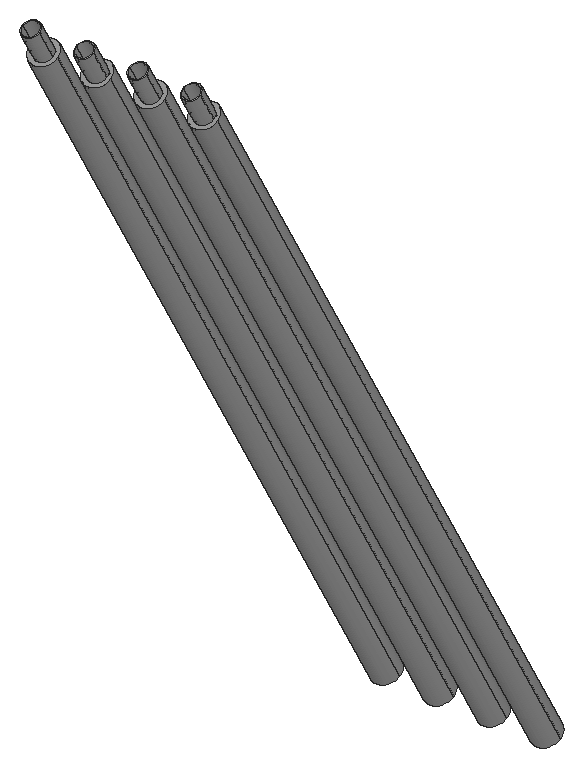
Revit family "FON-CA-O-SerieMicropaliIncl_Ø260Arm168.3mmL8m_Int0.5m", category Telaio strutturale, Revit 2021
Family settings
  Arrotondamento lunghezza telaio strutturale = 0 mm
  Forma sezione = Non definito
  Materiale per comportamento modello = Altro
  Esporta sempre come geometria = No
  Numero OmniClass = 23.25.30.11.14.14
  Titolo OmniClass = Beams
  Sempre verticale = Sì
  Taglio con vuoti quando caricato = No
  Rappresentazione simbolica = Da famiglia
  Condiviso = Sì
  Mostra pretaglio famiglia in viste di pianta = Sì
Parameters (values of type "MicropaloØ139.7x8.0mm_perforazioneØ260mm_L8m_interasse50cm")
  Volume malta cementizia [instance] = 0.538 m³ * Numero Micropali  # 2.152 m³
  Rotazione Assi = 30.00°
  Numero Micropali [instance] = (Length - Distanza da inizio) / Interasse  # 4
  Lunghezza Micropalo = 8000 mm
  Lunghezza Ancoraggio = 300 mm
  Length [instance] = 2250 mm
  Interasse = 500 mm
  Distanza da inizio [instance] = 500 mm
  Diametro Perforazione = 260 mm
  Diametro Interno Armatura = 148.3 mm
  Diametro Armatura = 168.3 mm
  Calcestruzzo = Malta
  Acciaio S355 = Acciaio S355
Reference planes
  plane 1 "Centro (Fronte/Retro)": y = 0
  plane 2 "Prospetto centro": z = 0
  plane 3 "Centro (Sinistra/Destra)": x = 0
  plane 4 "Sinistra": x = -1500
  plane 5 "Destra": x = 750
Dimensions and locks
  "Length": plane 4 "Sinistra" to plane 5 "Destra"
  "Distanza da inizio": plane 4 "Sinistra" to nested 1
  equal spacing: group 1, group 2, group 3, group 4  (x3)
  "Interasse": nested 1 to nested 2
  nested 1 to level = 324.808 mm
  aligned and locked: level to plane 2 "Prospetto centro"
Nested families
  nested 1: "FON-CA-O-MicropaloIncl" at (-1000, 0, 0), type "FON-CA-O-MicropaloIncl"
  nested 2: "FON-CA-O-MicropaloIncl" at (-500, 0, 0), type "FON-CA-O-MicropaloIncl"
  nested 3: "FON-CA-O-MicropaloIncl" at (0, 0, 0), type "FON-CA-O-MicropaloIncl"
  nested 4: "FON-CA-O-MicropaloIncl" at (500, 0, 0), type "FON-CA-O-MicropaloIncl"
Definition of nested family "FON-CA-O-MicropaloIncl"
  Parameters (values of type "FON-CA-O-MicropaloIncl")
    Volume Malta = Lunghezza Micropalo * ((3.14 * Diametro Perforazione * Diametro Perforazione) / 4)  # 0.424528 m³
    Volume Acciaio S355 = (Lunghezza Micropalo + Lunghezza Ancoraggio) * (((3.14 * Diametro Armatura * Diametro Armatura) / 4) - ((3.14 * Diametro Interno Armatura * Diametro Interno Armatura) / 4))  # 0.0412561 m³
    Spessore Armatura = (Diametro Armatura - Diametro Interno Armatura) / 2  # 10 mm
    Rotazione Assi = 30.00°
    Default Elevation = 0 mm
    Lunghezza Micropalo = 8000 mm
    Lunghezza Ancoraggio = 300 mm
    Diametro Perforazione = 260 mm
    Diametro Interno Armatura = 148.3 mm
    Diametro Armatura = 168.3 mm
    Calcestruzzo = none
    Acciaio S355 = none
  Reference planes
    plane 1 "Center (Front/Back)": y = 0
    plane 2: z = 0
    plane 3 "Center (Left/Right)": x = 0
  Lines and regions (mm)
    reference lines
      curve 1: line (0, 0, 0) -> (0, 1650, -2857.884)
      curve 2: line (0, -2165.064, -1250) -> (0, 0, 0)
  Dimensions and locks
    locked: curve 1 to curve 2 (angle 90.00°)
    "Rotazione Assi": angle curve 2 to level
    aligned and locked: level to plane 2
    aligned and locked: level to curve 1
    aligned and locked: plane 1 "Center (Front/Back)" to curve 2
    aligned and locked: plane 1 "Center (Front/Back)" to nested 1
  Nested families
    nested 1: "Prova diametro tubo variabile_FDG Da inserire" at (0, 0, 0) x (1, 0, 0) z (0, -0.5, 0.866), Diametro Armatura <- "Diametro Armatura", Diametro Perforazione <- "Diametro Perforazione", Lunghezza Ancoraggio <- "Lunghezza Ancoraggio", Lunghezza Micropalo <- "Lunghezza Micropalo", Diametro Interno Armatura <- "Diametro Interno Armatura", type "Prova diametro tubo variabile_FDG Da inserire"
      with Spessore Armatura 10 mm, Malta none, Lunghezza Micropalo 8000 mm, Lunghezza Ancoraggio 300 mm, Diametro Perforazione 260 mm, Diametro Interno Armatura 148.3 mm, Diametro Armatura 168.3 mm, Acciaio S355 none
  Definition of nested family "Prova diametro tubo variabile_FDG Da inserire"
    Parameters (values of type "Prova diametro tubo variabile_FDG Da inserire")
      Spessore Armatura [instance] = (Diametro Armatura - Diametro Interno Armatura) / 2  # 10 mm
      Default Elevation = 1219.2 mm
      Malta [instance] = none
      Lunghezza Micropalo [instance] = 8000 mm
      Lunghezza Ancoraggio [instance] = 300 mm
      Diametro Perforazione [instance] = 260 mm
      Diametro Interno Armatura [instance] = 148.3 mm
      Diametro Armatura [instance] = 168.3 mm
      Acciaio S355 [instance] = none
    Reference planes
      plane 1 "Center (Front/Back)": y = 0
      plane 2: z = 0
      plane 3 "Center (Left/Right)": x = 0
      plane 4: z = -8000
      plane 5: z = 300
    Forms (mm)
      Extrusion 1, solid, material <- "Malta"
        sketch origin (0, 0, 0) x (1, 0, 0) y (0, 1, 0)
          loop
            circle (0, 0) r 130
        from 0 to -8000
      Extrusion 2, solid, material <- "Acciaio S355"
        sketch origin (0, 0, 0) x (1, 0, 0) y (0, 1, 0)
          loop
            circle (0, 0) r 84.15
          loop
            circle (0, 0) r 74.15
        from -8000 to 300
    Dimensions and locks
      "Lunghezza Micropalo": level to plane 4
      "Lunghezza Ancoraggio": plane 5 to level
      "Diametro Perforazione": diameter of Extrusion 1 sketch curve
      "Diametro Armatura": diameter of Extrusion 2 sketch curve
      "Diametro Interno Armatura": diameter of Extrusion 2 sketch curve
      aligned and locked: level to plane 2
      aligned and locked: level to Extrusion 1
      aligned and locked: plane 4 to Extrusion 1
      aligned and locked: plane 5 to Extrusion 2
      aligned and locked: plane 4 to Extrusion 2
    Automatic sketch dimensions
      plane 1 "Center (Front/Back)" to Extrusion 1 sketch curve = 0 mm
      Extrusion 1 sketch curve to plane 3 "Center (Left/Right)" = 0 mm
      Extrusion 2 sketch curve to Extrusion 2 sketch curve = 0 mm  (x2)
      plane 1 "Center (Front/Back)" to Extrusion 2 sketch curve = 0 mm
      Extrusion 2 sketch curve to plane 3 "Center (Left/Right)" = 0 mm
